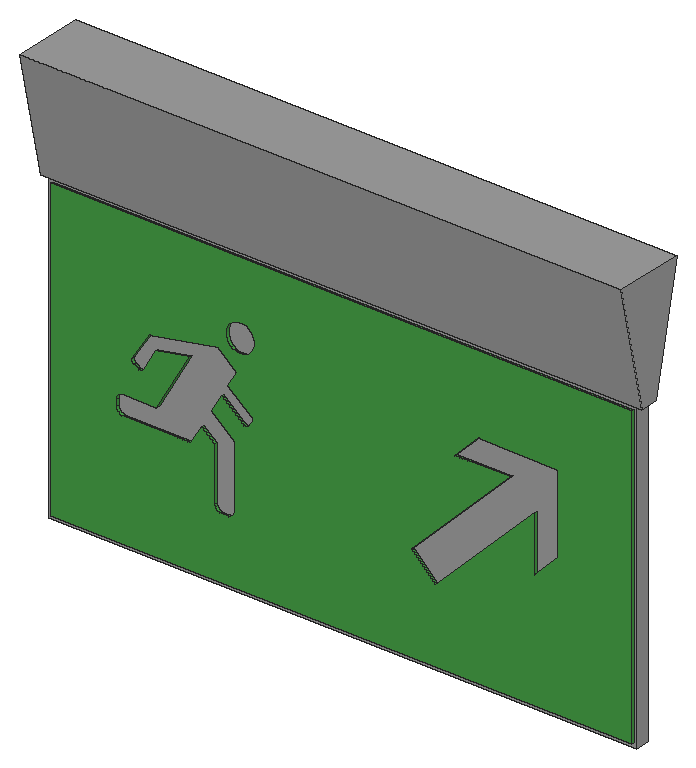
Revit family "ExiLED M ST LED (skrått 45 grader opp mot høyre_takmontasje)", category Lighting Fixtures, Revit 2013
Parameters (values of type "44m")
  Width Top = 53 mm
  Width = 10 mm
  Wattage Comments = "17 W"
  Wattage = 9.2903 W
  built-in parameter 1150110 = 1 (stored number, unit not read)
  Voltage = 230 V
  URL = ""
  built-in parameter 1114217 = 1 (stored number, unit not read)
  Tilt Angle = 90.00°
  built-in parameter 1150109 = 1 (stored number, unit not read)
  built-in parameter 1150134 = 3
  Symbol Positive Direction [instance] = yes
  Symbol Offset Side [instance] = 0 mm
  Symbol Offset Out [instance] = 0 mm
  built-in parameter 1150113 = 1 (stored number, unit not read)
  Reference Line Out [instance] = 31.983 mm
  Photometric Web File = "20x42A12.ies"
  Number of Poles = 1
  built-in parameter 1150105 = 109.82 (stored number, unit not read)
  Lumens = 1380 lm
  built-in parameter 1150115 = 1 (stored number, unit not read)
  Load Classification [instance] = Other
  Model = ""
  Manufacturer = ""
  built-in parameter 1150137 = (empty or 0)
  built-in parameter 1150139 = (empty or 0)
  Length = 455 mm
  built-in parameter 1150112 = 1 (stored number, unit not read)
  built-in parameter 1150114 = 1 (stored number, unit not read)
  Lamp = "1"
  built-in parameter 1150132 = (empty or 0)
  built-in parameter 1150102 = (empty or 0)
  built-in parameter 1150107 = 3200 (stored number, unit not read)
  built-in parameter 1150138 = (empty or 0)
  built-in parameter 1150106 = 1.0982 (stored number, unit not read)
  Height 1 = 232 mm
  Height = 322 mm
  built-in parameter 1150127 = Width  # 10 mm
  Emit from Rectangle Length = Length  # 455 mm
  Emit Shape Visible in Rendering = no
  built-in parameter 1150104 = 13.8 (stored number, unit not read)
  Dimming Lamp Color Temperature Shift = <None>
  Description = ""
  Color Filter = 16777215
  Body Material and Colour = Default
  built-in parameter 1114218 = 1 (stored number, unit not read)
  Emit from Rectangle Width = 3048 mm
  Assembly Code = ""
  Apparent Load = 17 VA
  44m = yes
  34m = no
  22m = no
Types (3, lengths in mm): name | Length | Height 1 | Height | Emit from Rectangle Length | 44m | 34m | 22m
  22m | 265 | 132 | 222 | 265 | no | no | yes
  34 m | 365 | 182 | 272 | 365 | no | yes | no
  44m | 455 | 232 | 322 | 455 | yes | no | no
Reference planes
  plane 1 "Light Source Axis (F/B)": y = 119.961
  plane 2 "Top": z = 83
  plane 3 "Light Source Axis (L/R)": x = 0
  plane 4 "Level": z = 0
  plane 5 "Bottom": z = -322
  plane 6: x = -227.5
  plane 7: x = 227.5
  plane 8: y = 124.961
  plane 9: y = 114.961
  plane 10: y = 126.961
  plane 11: y = 112.961
  plane 12: z = -90
  plane 13: y = 146.461
  plane 14: y = 93.461
  plane 15: x = -222.5
  plane 16: x = 222.5
  plane 17: z = -206
Forms (mm)
  Extrusion 1, solid, material "Default" <- "Body Material and Colour"
    sketch origin (0, 0, 0) x (0, 1, 0) y (0, 0, 1)
      loop
        line (124.961, -90) -> (114.961, -90) -> (114.961, -322) -> (124.961, -322) -> (124.961, -90)
    from -222.5 to 222.5
  Extrusion 2, solid, material "Default" <- "Body Material and Colour"
    sketch origin (0, 0, 0) x (0, 1, 0) y (0, 0, 1)
      loop
        line (93.461, 0) -> (112.961, -90) -> (126.961, -90) -> (146.461, 0) -> (93.461, 0)
    from -227.5 to 227.5
Lines and regions (mm)
  model lines, style "InvisibleLines"
    curve 1: line (0, 119.961, 0) -> (0, 151.943, 0)
Dimensions and locks
  "Height": plane 4 "Level" to plane 5 "Bottom"
  equal spacing: plane 6, plane 3 "Light Source Axis (L/R)", plane 7
  "Length": plane 6 to plane 7
  equal spacing: plane 8, plane 1 "Light Source Axis (F/B)", plane 9
  "Width": plane 8 to plane 9
  locked: plane 10 to plane 8 at 2
  locked: plane 9 to plane 11 at 2
  equal spacing: plane 13, plane 1 "Light Source Axis (F/B)", plane 14
  "Width Top": plane 13 to plane 14
  locked: plane 15 to plane 6 at 5
  locked: plane 7 to plane 16 at 5
  "Height 1": plane 12 to plane 5 "Bottom"
  equal spacing: plane 12, plane 17, plane 5 "Bottom"
  "Reference Line Out": plane 1 "Light Source Axis (F/B)" to curve 1
  aligned and locked: plane 4 "Level" to level
  aligned and locked: imposter light to plane 5 "Bottom"
  aligned and locked: plane 9 to Extrusion 1 sketch curve
  aligned and locked: plane 8 to Extrusion 1 sketch curve
  aligned and locked: Extrusion 1 sketch curve to plane 12
  aligned and locked: plane 4 "Level" to Extrusion 2 sketch curve
  aligned and locked: plane 12 to Extrusion 2 sketch curve
  aligned and locked: plane 13 to Extrusion 2 sketch curve
  aligned and locked: plane 14 to Extrusion 2 sketch curve
  aligned and locked: plane 11 to Extrusion 2 sketch curve
  aligned and locked: plane 10 to Extrusion 2 sketch curve
  aligned and locked: Extrusion 2 to plane 6
  aligned and locked: plane 7 to Extrusion 2
  aligned and locked: Extrusion 1 to plane 15
  aligned and locked: Extrusion 1 to plane 16
  aligned and locked: Extrusion 1 to plane 8
  aligned and locked: plane 9 to nested 1
  aligned and locked: plane 17 to nested 1
  aligned and locked: plane 3 "Light Source Axis (L/R)" to nested 1
  aligned and locked: plane 9 to nested 3
  aligned and locked: plane 17 to nested 3
  aligned and locked: nested 3 to plane 3 "Light Source Axis (L/R)"
  aligned and locked: plane 3 "Light Source Axis (L/R)" to nested 4
  aligned and locked: plane 9 to nested 4
  aligned and locked: plane 17 to nested 4
  aligned and locked: plane 8 to nested 5
  aligned and locked: plane 8 to nested 6
  aligned and locked: nested 5 to plane 17
  aligned and locked: nested 6 to plane 17
  aligned and locked: plane 3 "Light Source Axis (L/R)" to nested 7
  aligned and locked: plane 1 "Light Source Axis (F/B)" to nested 7
  aligned and locked: plane 1 "Light Source Axis (F/B)" to curve 1
  aligned and locked: plane 3 "Light Source Axis (L/R)" to curve 1
Automatic sketch dimensions
  Extrusion 1 sketch curve to plane 5 "Bottom" = 0 mm
Nested families
  nested 1: "22m_skrått 45 grader opp mot høyre" at (0, 114.961, -206), visible <- "22m", type "22m"
  nested 2: "22m_skrått 45 grader opp mot høyre" at (0, 124.961, -156), visible <- "22m", type "22m"
  nested 3: "34m_skrått 45 grader opp mot høyre" at (0, 114.961, -206), visible <- "34m", type "34m"
  nested 4: "44m_skrått 45 grader opp mot høyre" at (0, 114.961, -206), visible <- "44m", type "44m"
  nested 5: "44m_skrått 45 grader opp mot høyre" at (0, 124.961, -206), visible <- "44m", type "44m"
  nested 6: "34m_skrått 45 grader opp mot høyre" at (0, 124.961, -206), visible <- "34m", type "34m"
  nested 7: "MarkeringslysTakS" at (0, 119.961, 0), type "Type 1"
Connectors
  electrical at (0, 119.961, 0), driven by "Number of Poles", driven by "Load Classification", driven by "Voltage", driven by "Apparent Load"
    settings: on Extrusion 2, index 1, voltage 230 V, apparent load 0 VA, apparent load phase1 17 VA, apparent load phase2 0 VA, apparent load phase3 0 VA, power factor 1, load classification "Other", number of poles 1, system type 31, power factor state 1, is connector primary yes, connector utility no, sub classification motor no, connector description ""
Definition of nested family "22m_skrått 45 grader opp mot høyre"
  Parameters (values of type "22m")
    Material = yes
  Reference planes
    plane 1 "Center (Front/Back)": y = 0
    plane 2: z = 0
    plane 3 "Center (Left/Right)": x = 0
    plane 4: y = -2
  Forms (mm)
    Extrusion 1, solid, material "Green", visible <- "Material"
      sketch origin (0, 0, 0) x (1, 0, 0) y (0, 0, 1)
        loop
          line (95.32, -5.171) -> (95.32, 32.667) -> (57.483, 32.667) -> (46.131, 21.315) -> (72.618, 21.315) -> (25.32, -25.982) -> (36.672, -37.333) -> (83.969, 9.964) -> (83.969, -16.523) -> (95.32, -5.171)
        loop
          circle (-37.537, 37.911) r 7
        loop
          line (-43.27, 25.598) -> (-48.881, 30.306) -> (-82.509, 23.758) -> (-90.937, 10.78)
          arc (-90.937, 10.78) -> (-91.208, 9.32) -> (-90.367, 8.097) r 1.939
          line (-90.367, 8.097) -> (-88.128, 6.643)
          arc (-88.128, 6.643) -> (-86.619, 6.384) -> (-85.393, 7.3) r 1.939
          line (-85.393, 7.3) -> (-79.335, 17.791) -> (-62.518, 21.066) -> (-78.794, -7.125) -> (-95.564, -7.125)
          arc (-95.564, -7.125) -> (-97.849, -8.071) -> (-98.796, -10.356) r 3.232
          line (-98.796, -10.356) -> (-98.796, -13.588)
          arc (-98.796, -13.588) -> (-97.849, -15.873) -> (-95.564, -16.82) r 3.232
          line (-95.564, -16.82) -> (-62.002, -16.82) -> (-56.839, -7.877) -> (-50.321, -13.346) -> (-50.321, -39.679)
          arc (-50.321, -39.679) -> (-49.374, -41.964) -> (-47.089, -42.911) r 3.232
          line (-47.089, -42.911) -> (-43.858, -42.911)
          arc (-43.858, -42.911) -> (-41.573, -41.964) -> (-40.626, -39.679) r 3.232
          line (-40.626, -39.679) -> (-40.626, -8.825) -> (-51.917, 0.649) -> (-46.994, 9.174) -> (-36.245, 0.154)
          arc (-36.245, 0.154) -> (-34.83, -0.292) -> (-33.513, 0.393) r 1.939
          line (-33.513, 0.393) -> (-31.851, 2.374)
          arc (-31.851, 2.374) -> (-31.405, 3.789) -> (-32.09, 5.106) r 1.939
          line (-32.09, 5.106) -> (-43.713, 14.858) -> (-39.62, 21.947) -> (-43.27, 25.598)
        loop
          line (-124.5, 63) -> (-124.5, -63) -> (124.5, -63) -> (124.5, 63) -> (-124.5, 63)
      from 0 to 2
  Dimensions and locks
    aligned and locked: level to plane 2
    aligned and locked: plane 4 to Extrusion 1
    aligned and locked: Extrusion 1 to plane 1 "Center (Front/Back)"
    aligned and locked: Extrusion 1 to plane 4
Definition of nested family "34m_skrått 45 grader opp mot høyre"
  Parameters (values of type "34m")
    Material = yes
  Reference planes
    plane 1 "Center (Front/Back)": y = 0
    plane 2: z = 0
    plane 3 "Center (Left/Right)": x = 0
    plane 4: y = -2
  Forms (mm)
    Extrusion 1, solid, material "Green", visible <- "Material"
      sketch origin (0, 0, 0) x (1, 0, 0) y (0, 0, 1)
        loop
          line (124.003, -3.295) -> (124.003, 41.705) -> (79.003, 41.705) -> (65.503, 28.205) -> (97.003, 28.205) -> (40.753, -28.045) -> (54.253, -41.545) -> (110.503, 14.705) -> (110.503, -16.795) -> (124.003, -3.295)
        loop
          circle (-59.197, 48.678) r 8.988
        loop
          line (-66.559, 32.868) -> (-73.764, 38.913) -> (-116.942, 30.506) -> (-127.764, 13.841)
          arc (-127.764, 13.841) -> (-128.111, 11.967) -> (-127.032, 10.397) r 2.49
          line (-127.032, 10.397) -> (-124.157, 8.53)
          arc (-124.157, 8.53) -> (-122.22, 8.197) -> (-120.645, 9.373) r 2.49
          line (-120.645, 9.373) -> (-112.867, 22.844) -> (-91.274, 27.049) -> (-112.172, -9.148) -> (-133.705, -9.148)
          arc (-133.705, -9.148) -> (-136.639, -10.364) -> (-137.855, -13.298) r 4.149
          line (-137.855, -13.298) -> (-137.855, -17.447)
          arc (-137.855, -17.447) -> (-136.639, -20.381) -> (-133.705, -21.597) r 4.149
          line (-133.705, -21.597) -> (-90.611, -21.597) -> (-83.981, -10.114) -> (-75.612, -17.137) -> (-75.612, -50.949)
          arc (-75.612, -50.949) -> (-74.397, -53.883) -> (-71.463, -55.098) r 4.149
          line (-71.463, -55.098) -> (-67.313, -55.098)
          arc (-67.313, -55.098) -> (-64.379, -53.883) -> (-63.164, -50.949) r 4.149
          line (-63.164, -50.949) -> (-63.164, -11.332) -> (-77.661, 0.833) -> (-71.341, 11.78) -> (-57.538, 0.198)
          arc (-57.538, 0.198) -> (-55.721, -0.375) -> (-54.031, 0.505) r 2.49
          line (-54.031, 0.505) -> (-51.897, 3.048)
          arc (-51.897, 3.048) -> (-51.324, 4.865) -> (-52.204, 6.556) r 2.49
          line (-52.204, 6.556) -> (-67.127, 19.078) -> (-61.872, 28.181) -> (-66.559, 32.868)
        loop
          line (-177, 88) -> (-177, -88) -> (177, -88) -> (177, 88) -> (-177, 88)
      from 0 to 2
  Dimensions and locks
    aligned and locked: level to plane 2
    aligned and locked: plane 4 to Extrusion 1
    aligned and locked: Extrusion 1 to plane 1 "Center (Front/Back)"
    aligned and locked: Extrusion 1 to plane 4
Definition of nested family "44m_skrått 45 grader opp mot høyre"
  Parameters (values of type "44m")
    Material = yes
  Reference planes
    plane 1 "Center (Front/Back)": y = 0
    plane 2: z = 0
    plane 3 "Center (Left/Right)": x = 0
    plane 4: y = -2
  Forms (mm)
    Extrusion 1, solid, material "Green", visible <- "Material"
      sketch origin (0, 0, 0) x (1, 0, 0) y (0, 0, 1)
        loop
          line (164.557, -6.217) -> (164.557, 53.783) -> (104.557, 53.783) -> (86.557, 35.783) -> (128.557, 35.783) -> (53.557, -39.217) -> (71.557, -57.217) -> (146.557, 17.783) -> (146.557, -24.217) -> (164.557, -6.217)
        loop
          circle (-75.849, 58.115) r 10.73
        loop
          line (-84.638, 39.24) -> (-93.24, 46.457) -> (-144.788, 36.42) -> (-157.708, 16.524)
          arc (-157.708, 16.524) -> (-158.123, 14.287) -> (-156.834, 12.413) r 2.972
          line (-156.834, 12.413) -> (-153.401, 10.183)
          arc (-153.401, 10.183) -> (-151.089, 9.786) -> (-149.208, 11.19) r 2.972
          line (-149.208, 11.19) -> (-139.923, 27.273) -> (-114.144, 32.293) -> (-139.094, -10.922) -> (-164.801, -10.922)
          arc (-164.801, -10.922) -> (-168.304, -12.373) -> (-169.755, -15.876) r 4.954
          line (-169.755, -15.876) -> (-169.755, -20.829)
          arc (-169.755, -20.829) -> (-168.304, -24.332) -> (-164.801, -25.783) r 4.954
          line (-164.801, -25.783) -> (-113.353, -25.783) -> (-105.438, -12.075) -> (-95.446, -20.459) -> (-95.446, -60.825)
          arc (-95.446, -60.825) -> (-93.995, -64.328) -> (-90.492, -65.779) r 4.954
          line (-90.492, -65.779) -> (-85.539, -65.779)
          arc (-85.539, -65.779) -> (-82.036, -64.328) -> (-80.585, -60.825) r 4.954
          line (-80.585, -60.825) -> (-80.585, -13.528) -> (-97.892, 0.994) -> (-90.347, 14.064) -> (-73.869, 0.237)
          arc (-73.869, 0.237) -> (-71.699, -0.447) -> (-69.681, 0.603) r 2.972
          line (-69.681, 0.603) -> (-67.134, 3.639)
          arc (-67.134, 3.639) -> (-66.45, 5.809) -> (-67.5, 7.827) r 2.972
          line (-67.5, 7.827) -> (-85.317, 22.776) -> (-79.042, 33.644) -> (-84.638, 39.24)
        loop
          line (-220, 113) -> (-220, -113) -> (220, -113) -> (220, 113) -> (-220, 113)
      from 0 to 2
  Dimensions and locks
    aligned and locked: level to plane 2
    aligned and locked: plane 4 to Extrusion 1
    aligned and locked: Extrusion 1 to plane 1 "Center (Front/Back)"
    aligned and locked: Extrusion 1 to plane 4
Definition of nested family "MarkeringslysTakS"
  Parameters (values of type "Type 1")
    CQ Symbol Positive Direction = yes
    CQ Symbol Negative Direction = not(CQ Symbol Positive Direction)  # no
    CQ Symbol Offset Side = 0 mm
    CQ Symbol Offset Out = 0 mm
  Reference planes
    plane 1: y = 0
    plane 2: x = 0
  Dimensions and locks
    "CQ Symbol Offset Out": plane 1 to nested 1
    "CQ Symbol Offset Out": plane 1 to nested 2
    "CQ Symbol Offset Side": plane 2 to nested 2
    "CQ Symbol Offset Side": nested 1 to plane 2
  Nested families
    nested 1: "LedelysSub" at (0, 0, 0), visible <- "CQ Symbol Negative Direction", type "Type 1"
    nested 2: "LedelysSub" at (0, 0, 0), visible <- "CQ Symbol Positive Direction", type "Type 1"
  Definition of nested family "LedelysSub"
    Reference planes
      plane 1: y = 0
      plane 2: x = 0
    Lines and regions (mm)
      Filled region 1, type "Filled region 1"
        outline origin (64.576, 51.459, 0) x (1, 0, 0) y (0, 1, 0)
          loop
            arc (-65.575, -52.307) -> (-65.224, -51.459) -> (-65.575, -50.61) r 1.2
            line (-65.575, -50.61) -> (-66.424, -51.459) -> (-65.575, -52.307)
      Filled region 2, type "Filled region 1"
        outline origin (-68.271, 51.459, 0) x (0, 1, 0) y (-1, 0, 0)
          loop
            line (-52.307, -65.575) -> (-51.459, -66.424) -> (-50.61, -65.575)
            arc (-50.61, -65.575) -> (-51.459, -65.224) -> (-52.307, -65.575) r 1.2
      detail lines
        curve 1: line (-4, -2, 0) -> (4, -2, 0)
        curve 2: line (4, -2, 0) -> (4, 2, 0)
        curve 3: line (4, 2, 0) -> (-4, 2, 0)
        curve 4: line (-4, 2, 0) -> (-4, -2, 0)
        curve 5: line (-3.097, -1.25, 0) -> (-0.597, 1.25, 0)
        curve 6: line (-3.097, 1.25, 0) -> (-0.597, -1.25, 0)
        curve 7: circle (-1.847, 0, 0) r 1.2 normal (0, 0, 1)
    Text (mm)
      text "ML" at (2.179, 1.025, 0)
    Dimensions and locks
      aligned and locked: Filled region 1 sketch curve to curve 7
